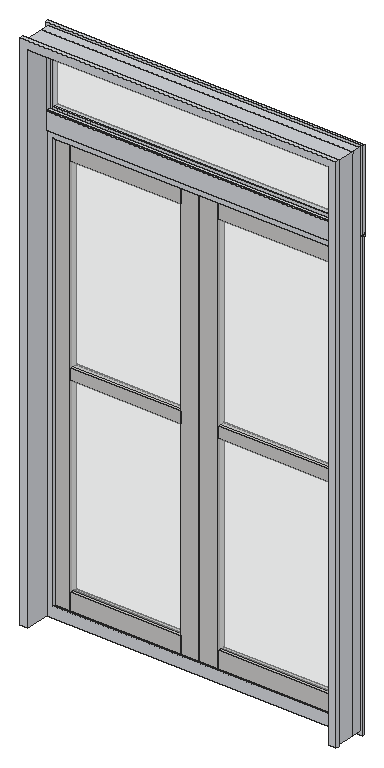
Revit family "APL Residential Thermal Heart French Door with Overlight Open Out", category Doors, host Wall, Revit 2017 (continued)
Definition of nested family "APL Residential Thermal Heart French Door with Overlight Open Out Horizontal Section"
  Definition of nested family "Keeper&Lock Stile"
    Lines and regions (mm)
      detail lines, in view "Ref. Level"
        curve 69: line (-14, 51.4, 0) -> (-14, 51.75, 0)
        curve 70: line (-11.25, 51.4, 0) -> (-8.915, 51.4, 0)
        curve 71: line (-15.448, 47.546, 0) -> (-14.067, 47.358, 0)
        curve 72: line (-16.427, 47.428, 0) -> (-15.962, 47.527, 0)
        curve 73: line (-6.039, 49.8, 0) -> (-7.038, 49.8, 0)
        curve 74: line (-5.876, 50.4, 0) -> (-7.038, 50.4, 0)
        curve 75: line (-5.69, 47.453, 0) -> (-7.887, 45.548, 0)
        curve 76: line (-6.083, 47.907, 0) -> (-6.975, 47.133, 0)
        curve 77: arc (18.353, 6.497, 0) -> (18.847, 6.497, 0) -> (18.847, 6.003, 0) r 0.35
        curve 78: arc (16.497, 3.653, 0) -> (16.003, 3.653, 0) -> (16.003, 4.147, 0) r 0.35
        curve 79: arc (17.549, 6.345, 0) -> (17.821, 6.219, 0) -> (17.778, 5.923, 0) r 0.25
        curve 80: arc (7.038, 2.2, 0) -> (8.076, 1.817, 0) -> (8.618, 0.853, 0) r 1.6
        curve 81: arc (7.038, 1.6, 0) -> (7.745, 1.307, 0) -> (8.038, 0.6, 0) r 1
        curve 82: arc (14, 0.25, 0) -> (13.927, 0.073, 0) -> (13.75, 0, 0) r 0.25
        curve 83: arc (13.875, 0.817, 0) -> (13.967, 0.725, 0) -> (14, 0.6, 0) r 0.25
        curve 84: arc (13.875, 0.817, 0) -> (13.6, 1.091, 0) -> (13.5, 1.466, 0) r 0.75
        curve 85: arc (8.915, 0.6, 0) -> (8.719, 0.672, 0) -> (8.618, 0.853, 0) r 0.3
        curve 86: arc (8.538, 0, 0) -> (8.184, 0.146, 0) -> (8.038, 0.5, 0) r 0.5
        curve 87: arc (12, 1.35, 0) -> (11.78, 0.82, 0) -> (11.25, 0.6, 0) r 0.75
        curve 88: arc (13.5, 4.146, 0) -> (13.671, 4.523, 0) -> (14.067, 4.642, 0) r 0.5
        curve 89: arc (15.962, 4.473, 0) -> (15.706, 4.441, 0) -> (15.448, 4.454, 0) r 1.5
        curve 90: arc (11, 6.55, 0) -> (11.169, 6.544, 0) -> (11.337, 6.527, 0) r 2.5
        curve 91: arc (11.25, 5.05, 0) -> (11.78, 4.83, 0) -> (12, 4.3, 0) r 0.75
        curve 92: arc (5.394, 1.843, 0) -> (5.012, 3.253, 0) -> (5.69, 4.547, 0) r 2.001
        curve 93: arc (5.776, 2.354, 0) -> (5.621, 3.278, 0) -> (6.083, 4.093, 0) r 1.401
        curve 94: arc (5.876, 1.6, 0) -> (5.606, 1.664, 0) -> (5.394, 1.843, 0) r 0.6
        curve 95: arc (6.039, 2.2, 0) -> (5.886, 2.241, 0) -> (5.776, 2.354, 0) r 0.3
        curve 96: arc (7.887, 6.452, 0) -> (8.009, 6.525, 0) -> (8.149, 6.55, 0) r 0.4
        curve 97: arc (6.975, 4.867, 0) -> (7.204, 5.003, 0) -> (7.466, 5.05, 0) r 0.75
        curve 98: line (11.337, 6.527, 0) -> (15.65, 5.94, 0)
        curve 99: line (15.65, 5.94, 0) -> (17.549, 6.345, 0)
        curve 100: line (18.847, 6.003, 0) -> (16.497, 3.653, 0)
        curve 101: line (16.003, 4.147, 0) -> (18.353, 6.497, 0)
        curve 102: line (8.149, 6.55, 0) -> (11, 6.55, 0)
        curve 103: line (7.466, 5.05, 0) -> (11.25, 5.05, 0)
        curve 104: line (13.5, 4.146, 0) -> (13.5, 1.466, 0)
        curve 105: line (12, 4.3, 0) -> (12, 1.35, 0)
        curve 106: line (13.75, 0, 0) -> (8.538, 0, 0)
        curve 107: line (14, 0.6, 0) -> (14, 0.25, 0)
        curve 108: line (11.25, 0.6, 0) -> (8.915, 0.6, 0)
        curve 109: line (15.448, 4.454, 0) -> (14.067, 4.642, 0)
        curve 110: line (16.427, 4.572, 0) -> (15.962, 4.473, 0)
        curve 111: line (6.039, 2.2, 0) -> (7.038, 2.2, 0)
        curve 112: line (5.876, 1.6, 0) -> (7.038, 1.6, 0)
        curve 113: line (5.69, 4.547, 0) -> (7.887, 6.452, 0)
        curve 114: line (6.083, 4.093, 0) -> (6.975, 4.867, 0)
        curve 115: arc (-87.144, 40.782, 0) -> (-87.004, 40.472, 0) -> (-87.303, 40.309, 0) r 0.25
        curve 116: arc (-97.191, 40.336, 0) -> (-97.491, 40.498, 0) -> (-97.351, 40.808, 0) r 0.25
        curve 117: line (-87.303, 40.309, 0) -> (-91.171, 41.303, 0)
        curve 118: line (-91.171, 41.303, 0) -> (-91.75, 40.3, 0)
        curve 119: line (-91.75, 40.3, 0) -> (-92.75, 40.3, 0)
        curve 120: line (-92.75, 40.3, 0) -> (-93.342, 41.325, 0)
        curve 121: line (-93.342, 41.325, 0) -> (-97.191, 40.336, 0)
        curve 122: line (-97.351, 40.808, 0) -> (-93.25, 42.532, 0)
        curve 123: line (-93.25, 42.532, 0) -> (-93.25, 43.8, 0)
        curve 124: line (-93.25, 43.8, 0) -> (-94.5, 43.8, 0)
        curve 125: line (-94.5, 43.8, 0) -> (-94.5, 44.8, 0)
        curve 126: line (-94.5, 44.8, 0) -> (-90, 44.8, 0)
        curve 127: line (-90, 44.8, 0) -> (-90, 43.8, 0)
        curve 128: line (-90, 43.8, 0) -> (-91.25, 43.8, 0)
        curve 129: line (-91.25, 43.8, 0) -> (-91.25, 42.508, 0)
        curve 130: line (-91.25, 42.508, 0) -> (-87.144, 40.782, 0)
        curve 131: arc (27.921, 135.423, 0) -> (27.611, 135.563, 0) -> (27.449, 135.264, 0) r 0.25
        curve 132: arc (27.475, 125.376, 0) -> (27.637, 125.077, 0) -> (27.948, 125.217, 0) r 0.25
        curve 133: line (27.449, 135.264, 0) -> (28.443, 131.396, 0)
        curve 134: line (28.443, 131.396, 0) -> (27.439, 130.817, 0)
        curve 135: line (27.439, 130.817, 0) -> (27.439, 129.817, 0)
        curve 136: line (27.439, 129.817, 0) -> (28.465, 129.225, 0)
        curve 137: line (28.465, 129.225, 0) -> (27.475, 125.376, 0)
        curve 138: line (27.948, 125.217, 0) -> (29.672, 129.317, 0)
        curve 139: line (29.672, 129.317, 0) -> (30.939, 129.317, 0)
        curve 140: line (30.939, 129.317, 0) -> (30.939, 128.067, 0)
        curve 141: line (30.939, 128.067, 0) -> (31.939, 128.067, 0)
        curve 142: line (31.939, 128.067, 0) -> (31.939, 132.567, 0)
        curve 143: line (31.939, 132.567, 0) -> (30.939, 132.567, 0)
        curve 144: line (30.939, 132.567, 0) -> (30.939, 131.317, 0)
        curve 145: line (30.939, 131.317, 0) -> (29.647, 131.317, 0)
        curve 146: line (29.647, 131.317, 0) -> (27.921, 135.423, 0)
        curve 147: arc (87.144, 40.782, 0) -> (87.004, 40.472, 0) -> (87.303, 40.309, 0) r 0.25
        curve 148: arc (97.191, 40.336, 0) -> (97.491, 40.498, 0) -> (97.351, 40.808, 0) r 0.25
        curve 149: line (87.303, 40.309, 0) -> (91.171, 41.303, 0)
        curve 150: line (91.171, 41.303, 0) -> (91.75, 40.3, 0)
        curve 151: line (91.75, 40.3, 0) -> (92.75, 40.3, 0)
        curve 152: line (92.75, 40.3, 0) -> (93.342, 41.325, 0)
        curve 153: line (93.342, 41.325, 0) -> (97.191, 40.336, 0)
        curve 154: line (97.351, 40.808, 0) -> (93.25, 42.532, 0)
        curve 155: line (93.25, 42.532, 0) -> (93.25, 43.8, 0)
        curve 156: line (93.25, 43.8, 0) -> (94.5, 43.8, 0)
        curve 157: line (94.5, 43.8, 0) -> (94.5, 44.8, 0)
        curve 158: line (94.5, 44.8, 0) -> (90, 44.8, 0)
        curve 159: line (90, 44.8, 0) -> (90, 43.8, 0)
        curve 160: line (90, 43.8, 0) -> (91.25, 43.8, 0)
        curve 161: line (91.25, 43.8, 0) -> (91.25, 42.508, 0)
        curve 162: line (91.25, 42.508, 0) -> (87.144, 40.782, 0)
    Dimensions and locks
      locked: nested 2 to nested 1 at 20
      nested 2 to nested 1 = 6 mm
    Nested families
      nested 1: "65220_Rebated Lock Stile" at (-14, 0, 0) x (0, -1, 0) z (0, 0, 1), type "", in view "Ref. Level"
      nested 2: "65240_Rebated Keeper Stile" at (10, 0, 0) x (0, 1, 0) z (0, 0, 1), type "", in view "Ref. Level"
    Definition of nested family "65220_Rebated Lock Stile"
      Reference planes
        plane 1 "Center (Front/Back)": y = 0
        plane 2: z = 0
        plane 3 "Center (Left/Right)": x = 0
      Lines and regions (mm)
        model lines, in view "Ref. Level"
          curve 1: arc (-1.453, 62.127, 0) -> (-1.357, 62.052, 0) -> (-1.322, 61.935, 0) r 0.2
          curve 2: arc (-1.421, 57.06, 0) -> (-1.721, 56.366, 0) -> (-2.42, 56.08, 0) r 1
          curve 3: arc (-9.8, 56.08, 0) -> (-10.507, 56.373, 0) -> (-10.8, 57.08, 0) r 1
          curve 4: arc (-10.8, 61.172, 0) -> (-10.773, 61.272, 0) -> (-10.7, 61.345, 0) r 0.2
          curve 5: arc (-9.6, 61.98, 0) -> (-9.38, 62.2, 0) -> (-9.3, 62.5, 0) r 0.6
          curve 6: arc (-9.3, 62.8, 0) -> (-9.359, 62.941, 0) -> (-9.5, 63, 0) r 0.2
          curve 7: arc (-16.503, 63, 0) -> (-17.21, 62.707, 0) -> (-17.503, 62, 0) r 1
          curve 8: arc (-17.503, 56.28, 0) -> (-17.561, 56.139, 0) -> (-17.703, 56.08, 0) r 0.2
          curve 9: arc (-22.803, 56.08, 0) -> (-22.944, 56.139, 0) -> (-23.003, 56.28, 0) r 0.2
          curve 10: arc (-23.003, 62, 0) -> (-23.295, 62.707, 0) -> (-24.003, 63, 0) r 1
          curve 11: arc (-25.817, 63, 0) -> (-26.122, 62.801, 0) -> (-26.395, 63.043, 0) r 0.3
          curve 12: arc (-26.395, 63.043, 0) -> (-26.461, 63.181, 0) -> (-26.587, 63.268, 0) r 0.3
          curve 13: arc (-27.997, 63.782, 0) -> (-28.283, 63.738, 0) -> (-28.399, 63.474, 0) r 0.3
          curve 14: arc (-28.192, 61.108, 0) -> (-28.165, 61.008, 0) -> (-28.105, 60.922, 0) r 0.3
          curve 15: arc (-27.741, 60.559, 0) -> (-27.548, 60.507, 0) -> (-27.407, 60.648, 0) r 0.2
          curve 16: arc (-27.362, 60.816, 0) -> (-27.31, 60.905, 0) -> (-27.221, 60.957, 0) r 0.2
          curve 17: arc (-25, 61.5, 0) -> (-24.72, 61.307, 0) -> (-24.8, 60.976, 0) r 0.3
          curve 18: arc (-24.8, 60.976, 0) -> (-24.874, 60.875, 0) -> (-24.9, 60.753, 0) r 0.3
          curve 19: arc (-24.706, 56.75, 0) -> (-24.742, 56.578, 0) -> (-24.9, 56.5, 0) r 0.2
          curve 20: arc (-25.421, 56.5, 0) -> (-25.502, 56.511, 0) -> (-25.577, 56.544, 0) r 0.3
          curve 21: arc (-26.831, 57.309, 0) -> (-26.828, 57.479, 0) -> (-26.934, 57.611, 0) r 0.25
          curve 22: arc (-27.019, 57.663, 0) -> (-27.272, 57.668, 0) -> (-27.4, 57.45, 0) r 0.25
          curve 23: arc (-27.4, 54.7, 0) -> (-27.341, 54.559, 0) -> (-27.2, 54.5, 0) r 0.2
          curve 24: arc (-16.403, 54.5, 0) -> (-16.049, 54.646, 0) -> (-15.903, 55, 0) r 0.5
          curve 25: arc (-15.903, 61.2, 0) -> (-15.844, 61.341, 0) -> (-15.703, 61.4, 0) r 0.2
          curve 26: arc (-12.6, 61.4, 0) -> (-12.459, 61.341, 0) -> (-12.4, 61.2, 0) r 0.2
          curve 27: arc (-12.4, 57.08, 0) -> (-11.638, 55.242, 0) -> (-9.8, 54.48, 0) r 2.6
          curve 28: arc (-1.8, 54.48, 0) -> (-1.659, 54.421, 0) -> (-1.6, 54.28, 0) r 0.2
          curve 29: arc (-1.6, -4.898, 0) -> (-1.746, -5.252, 0) -> (-2.1, -5.398, 0) r 0.5
          curve 30: arc (-4.2, -5.398, 0) -> (-4.341, -5.339, 0) -> (-4.4, -5.198, 0) r 0.2
          curve 31: arc (-4.4, -4.2, 0) -> (-4.927, -2.927, 0) -> (-6.2, -2.4, 0) r 1.8
          curve 32: arc (-22.08, -2.4, 0) -> (-22.787, -2.107, 0) -> (-23.08, -1.4, 0) r 1
          curve 33: arc (-23.08, 3.4, 0) -> (-23.373, 4.107, 0) -> (-24.08, 4.4, 0) r 1
          curve 34: arc (-27.28, 4.4, 0) -> (-27.421, 4.341, 0) -> (-27.48, 4.2, 0) r 0.2
          curve 35: arc (-27.48, 1.551, 0) -> (-27.353, 1.332, 0) -> (-27.1, 1.337, 0) r 0.25
          curve 36: arc (-27.014, 1.389, 0) -> (-26.908, 1.521, 0) -> (-26.911, 1.691, 0) r 0.25
          curve 37: arc (-25.657, 2.456, 0) -> (-25.582, 2.489, 0) -> (-25.501, 2.5, 0) r 0.3
          curve 38: arc (-24.98, 2.5, 0) -> (-24.822, 2.422, 0) -> (-24.786, 2.25, 0) r 0.2
          curve 39: arc (-24.98, -1.753, 0) -> (-24.954, -1.875, 0) -> (-24.88, -1.976, 0) r 0.3
          curve 40: arc (-24.88, -1.976, 0) -> (-24.8, -2.307, 0) -> (-25.08, -2.5, 0) r 0.3
          curve 41: arc (-27.301, -1.957, 0) -> (-27.39, -1.905, 0) -> (-27.442, -1.816, 0) r 0.2
          curve 42: arc (-27.487, -1.648, 0) -> (-27.628, -1.507, 0) -> (-27.821, -1.559, 0) r 0.2
          curve 43: arc (-28.185, -1.922, 0) -> (-28.245, -2.008, 0) -> (-28.272, -2.108, 0) r 0.3
          curve 44: arc (-28.479, -4.474, 0) -> (-28.363, -4.738, 0) -> (-28.077, -4.782, 0) r 0.3
          curve 45: arc (-26.667, -4.268, 0) -> (-26.541, -4.181, 0) -> (-26.475, -4.043, 0) r 0.3
          curve 46: arc (-26.475, -4.043, 0) -> (-26.202, -3.801, 0) -> (-25.897, -4, 0) r 0.3
          curve 47: arc (-6.2, -4, 0) -> (-6.059, -4.059, 0) -> (-6, -4.2, 0) r 0.2
          curve 48: arc (-6, -6.798, 0) -> (-5.941, -6.939, 0) -> (-5.8, -6.998, 0) r 0.2
          curve 49: arc (-2, -6.998, 0) -> (-1.646, -7.144, 0) -> (-1.5, -7.498, 0) r 0.5
          curve 50: arc (-1.5, -21.5, 0) -> (-1.354, -21.854, 0) -> (-1, -22, 0) r 0.5
          curve 51: arc (-0.5, -22, 0) -> (-0.146, -21.854, 0) -> (0, -21.5, 0) r 0.5
          curve 52: arc (0, 62.8, 0) -> (-0.059, 62.941, 0) -> (-0.2, 63, 0) r 0.2
          curve 53: line (-1.322, 61.935, 0) -> (-1.421, 57.06, 0)
          curve 54: line (-2.42, 56.08, 0) -> (-9.8, 56.08, 0)
          curve 55: line (-10.8, 57.08, 0) -> (-10.8, 61.172, 0)
          curve 56: line (-10.7, 61.345, 0) -> (-9.6, 61.98, 0)
          curve 57: line (-9.3, 62.5, 0) -> (-9.3, 62.8, 0)
          curve 58: line (-9.5, 63, 0) -> (-16.503, 63, 0)
          curve 59: line (-17.503, 62, 0) -> (-17.503, 56.28, 0)
          curve 60: line (-17.703, 56.08, 0) -> (-22.803, 56.08, 0)
          curve 61: line (-23.003, 56.28, 0) -> (-23.003, 62, 0)
          curve 62: line (-24.003, 63, 0) -> (-25.817, 63, 0)
          curve 63: line (-26.587, 63.268, 0) -> (-27.997, 63.782, 0)
          curve 64: line (-28.399, 63.474, 0) -> (-28.192, 61.108, 0)
          curve 65: line (-28.105, 60.922, 0) -> (-27.741, 60.559, 0)
          curve 66: line (-27.407, 60.648, 0) -> (-27.362, 60.816, 0)
          curve 67: line (-27.362, 60.816, 0) -> (-25.232, 61.49, 0)
          curve 68: line (-25.232, 61.49, 0) -> (-25, 61.5, 0)
          curve 69: line (-24.9, 60.753, 0) -> (-24.9, 57.525, 0)
          curve 70: line (-24.9, 57.525, 0) -> (-24.706, 56.75, 0)
          curve 71: line (-24.9, 56.5, 0) -> (-25.421, 56.5, 0)
          curve 72: line (-25.421, 56.5, 0) -> (-26.831, 57.309, 0)
          curve 73: line (-27.4, 57.45, 0) -> (-27.4, 54.7, 0)
          curve 74: line (-27.2, 54.5, 0) -> (-20.403, 54.5, 0)
          curve 75: line (-20.403, 54.5, 0) -> (-20.003, 54.9, 0)
          curve 76: line (-20.003, 54.9, 0) -> (-19.603, 54.5, 0)
          curve 77: line (-19.603, 54.5, 0) -> (-16.403, 54.5, 0)
          curve 78: line (-15.903, 55, 0) -> (-15.903, 61.2, 0)
          curve 79: line (-15.703, 61.4, 0) -> (-12.6, 61.4, 0)
          curve 80: line (-12.4, 61.2, 0) -> (-12.4, 57.08, 0)
          curve 81: line (-9.8, 54.48, 0) -> (-1.8, 54.48, 0)
          curve 82: line (-1.6, 54.28, 0) -> (-1.6, -4.898, 0)
          curve 83: line (-2.1, -5.398, 0) -> (-4.2, -5.398, 0)
          curve 84: line (-4.4, -5.198, 0) -> (-4.4, -4.2, 0)
          curve 85: line (-6.2, -2.4, 0) -> (-22.08, -2.4, 0)
          curve 86: line (-23.08, -1.4, 0) -> (-23.08, 3.4, 0)
          curve 87: line (-24.08, 4.4, 0) -> (-27.28, 4.4, 0)
          curve 88: line (-27.48, 4.2, 0) -> (-27.48, 1.551, 0)
          curve 89: line (-26.911, 1.691, 0) -> (-25.657, 2.456, 0)
          curve 90: line (-25.657, 2.456, 0) -> (-24.98, 2.5, 0)
          curve 91: line (-24.786, 2.25, 0) -> (-24.98, 1.5, 0)
          curve 92: line (-24.974, 1.525, 0) -> (-24.98, -1.753, 0)
          curve 93: line (-25.234, -2.5, 0) -> (-27.301, -1.957, 0)
          curve 94: line (-27.301, -1.957, 0) -> (-27.487, -1.648, 0)
          curve 95: line (-27.821, -1.559, 0) -> (-28.185, -1.922, 0)
          curve 96: line (-28.272, -2.108, 0) -> (-28.479, -4.474, 0)
          curve 97: line (-28.077, -4.782, 0) -> (-26.667, -4.268, 0)
          curve 98: line (-25.897, -4, 0) -> (-20.4, -4, 0)
          curve 99: line (-20.4, -4, 0) -> (-20, -3.6, 0)
          curve 100: line (-20, -3.6, 0) -> (-19.6, -4, 0)
          curve 101: line (-19.6, -4, 0) -> (-18.4, -4, 0)
          curve 102: line (-18.4, -4, 0) -> (-18, -3.6, 0)
          curve 103: line (-18, -3.6, 0) -> (-17.6, -4, 0)
          curve 104: line (-17.6, -4, 0) -> (-6.2, -4, 0)
          curve 105: line (-6, -4.2, 0) -> (-6, -6.798, 0)
          curve 106: line (-5.8, -6.998, 0) -> (-2, -6.998, 0)
          curve 107: line (-1.5, -7.498, 0) -> (-1.5, -21.5, 0)
          curve 108: line (-1, -22, 0) -> (-0.5, -22, 0)
          curve 109: line (0, -21.5, 0) -> (0, 62.8, 0)
          curve 110: line (-0.2, 63, 0) -> (-1.141, 63, 0)
          curve 111: line (-1.141, 63, 0) -> (-1.665, 62.621, 0)
          curve 112: arc (-1.665, 62.621, 0) -> (-1.729, 62.522, 0) -> (-1.725, 62.403, 0) r 0.2
          curve 113: arc (-1.725, 62.403, 0) -> (-1.621, 62.234, 0) -> (-1.453, 62.127, 0) r 0.45
          curve 114: arc (-24.98, 1.6, 0) -> (-25.097, 1.883, 0) -> (-25.38, 2, 0) r 0.4
          curve 115: arc (-25.673, 2, 0) -> (-25.776, 1.986, 0) -> (-25.873, 1.946, 0) r 0.4
          curve 116: arc (-27.401, 1.061, 0) -> (-27.691, 0.941, 0) -> (-28.002, 0.9, 0) r 1.2
          curve 117: arc (-28.925, 0.9, 0) -> (-29.498, 0.719, 0) -> (-29.864, 0.242, 0) r 1
          curve 118: arc (-30.657, -1.937, 0) -> (-30.804, -2.128, 0) -> (-31.033, -2.2, 0) r 0.4
          curve 119: arc (-37.527, -2.2, 0) -> (-37.756, -2.128, 0) -> (-37.903, -1.937, 0) r 0.4
          curve 120: arc (-38.696, 0.242, 0) -> (-39.062, 0.719, 0) -> (-39.635, 0.9, 0) r 1
          curve 121: arc (-40.558, 0.9, 0) -> (-40.869, 0.941, 0) -> (-41.159, 1.061, 0) r 1.2
          curve 122: arc (-42.687, 1.946, 0) -> (-42.784, 1.986, 0) -> (-42.887, 2, 0) r 0.4
          curve 123: arc (-43.18, 2, 0) -> (-43.463, 1.883, 0) -> (-43.58, 1.6, 0) r 0.4
          curve 124: arc (-43.58, -1.8, 0) -> (-43.463, -2.083, 0) -> (-43.18, -2.2, 0) r 0.4
          curve 125: arc (-42.887, -2.2, 0) -> (-42.784, -2.186, 0) -> (-42.687, -2.146, 0) r 0.4
          curve 126: arc (-41.159, -1.261, 0) -> (-40.865, -1.14, 0) -> (-40.55, -1.1, 0) r 1.2
          curve 127: arc (-40.55, -1.1, 0) -> (-40.375, -1.153, 0) -> (-40.264, -1.297, 0) r 0.3
          curve 128: arc (-39.376, -3.737, 0) -> (-39.229, -3.928, 0) -> (-39, -4, 0) r 0.4
          curve 129: arc (-29.56, -4, 0) -> (-29.331, -3.928, 0) -> (-29.184, -3.737, 0) r 0.4
          curve 130: arc (-28.296, -1.297, 0) -> (-28.185, -1.153, 0) -> (-28.01, -1.1, 0) r 0.3
          curve 131: arc (-28.01, -1.1, 0) -> (-27.695, -1.14, 0) -> (-27.401, -1.261, 0) r 1.2
          curve 132: arc (-25.873, -2.146, 0) -> (-25.776, -2.186, 0) -> (-25.673, -2.2, 0) r 0.4
          curve 133: arc (-25.38, -2.2, 0) -> (-25.097, -2.083, 0) -> (-24.98, -1.8, 0) r 0.4
          curve 134: line (-25.38, 2, 0) -> (-25.673, 2, 0)
          curve 135: line (-25.873, 1.946, 0) -> (-27.401, 1.061, 0)
          curve 136: line (-28.002, 0.9, 0) -> (-28.925, 0.9, 0)
          curve 137: line (-29.864, 0.242, 0) -> (-30.657, -1.937, 0)
          curve 138: line (-31.033, -2.2, 0) -> (-37.527, -2.2, 0)
          curve 139: line (-37.903, -1.937, 0) -> (-38.696, 0.242, 0)
          curve 140: line (-39.635, 0.9, 0) -> (-40.558, 0.9, 0)
          curve 141: line (-41.159, 1.061, 0) -> (-42.687, 1.946, 0)
          curve 142: line (-42.887, 2, 0) -> (-43.18, 2, 0)
          curve 143: line (-43.58, 1.6, 0) -> (-43.58, -1.8, 0)
          curve 144: line (-43.18, -2.2, 0) -> (-42.887, -2.2, 0)
          curve 145: line (-42.687, -2.146, 0) -> (-41.159, -1.261, 0)
          curve 146: line (-40.264, -1.297, 0) -> (-39.376, -3.737, 0)
          curve 147: line (-39, -4, 0) -> (-29.56, -4, 0)
          curve 148: line (-29.184, -3.737, 0) -> (-28.296, -1.297, 0)
          curve 149: line (-27.401, -1.261, 0) -> (-25.873, -2.146, 0)
          curve 150: line (-25.673, -2.2, 0) -> (-25.38, -2.2, 0)
          curve 151: line (-24.98, -1.8, 0) -> (-24.98, 1.6, 0)
          curve 152: arc (-24.9, 57.4, 0) -> (-25.017, 57.117, 0) -> (-25.3, 57, 0) r 0.4
          curve 153: arc (-25.593, 57, 0) -> (-25.696, 57.014, 0) -> (-25.793, 57.054, 0) r 0.4
          curve 154: arc (-27.321, 57.939, 0) -> (-27.611, 58.059, 0) -> (-27.922, 58.1, 0) r 1.2
          curve 155: arc (-28.845, 58.1, 0) -> (-29.418, 58.281, 0) -> (-29.784, 58.758, 0) r 1
          curve 156: arc (-30.577, 60.937, 0) -> (-30.724, 61.128, 0) -> (-30.953, 61.2, 0) r 0.4
          curve 157: arc (-37.447, 61.2, 0) -> (-37.676, 61.128, 0) -> (-37.823, 60.937, 0) r 0.4
          curve 158: arc (-38.616, 58.758, 0) -> (-38.982, 58.281, 0) -> (-39.555, 58.1, 0) r 1
          curve 159: arc (-40.478, 58.1, 0) -> (-40.789, 58.059, 0) -> (-41.079, 57.939, 0) r 1.2
          curve 160: arc (-42.607, 57.054, 0) -> (-42.704, 57.014, 0) -> (-42.807, 57, 0) r 0.4
          curve 161: arc (-43.1, 57, 0) -> (-43.383, 57.117, 0) -> (-43.5, 57.4, 0) r 0.4
          curve 162: arc (-43.5, 60.8, 0) -> (-43.383, 61.083, 0) -> (-43.1, 61.2, 0) r 0.4
          curve 163: arc (-42.807, 61.2, 0) -> (-42.704, 61.186, 0) -> (-42.607, 61.146, 0) r 0.4
          curve 164: arc (-41.079, 60.261, 0) -> (-40.785, 60.14, 0) -> (-40.47, 60.1, 0) r 1.2
          curve 165: arc (-40.47, 60.1, 0) -> (-40.295, 60.153, 0) -> (-40.184, 60.297, 0) r 0.3
          curve 166: arc (-39.296, 62.737, 0) -> (-39.149, 62.928, 0) -> (-38.92, 63, 0) r 0.4
          curve 167: arc (-29.48, 63, 0) -> (-29.251, 62.928, 0) -> (-29.104, 62.737, 0) r 0.4
          curve 168: arc (-28.216, 60.297, 0) -> (-28.105, 60.153, 0) -> (-27.93, 60.1, 0) r 0.3
          curve 169: arc (-27.93, 60.1, 0) -> (-27.615, 60.14, 0) -> (-27.321, 60.261, 0) r 1.2
          curve 170: arc (-25.793, 61.146, 0) -> (-25.696, 61.186, 0) -> (-25.593, 61.2, 0) r 0.4
          curve 171: arc (-25.3, 61.2, 0) -> (-25.017, 61.083, 0) -> (-24.9, 60.8, 0) r 0.4
          curve 172: line (-25.3, 57, 0) -> (-25.593, 57, 0)
          curve 173: line (-25.793, 57.054, 0) -> (-27.321, 57.939, 0)
          curve 174: line (-27.922, 58.1, 0) -> (-28.845, 58.1, 0)
          curve 175: line (-29.784, 58.758, 0) -> (-30.577, 60.937, 0)
          curve 176: line (-30.953, 61.2, 0) -> (-37.447, 61.2, 0)
          curve 177: line (-37.823, 60.937, 0) -> (-38.616, 58.758, 0)
          curve 178: line (-39.555, 58.1, 0) -> (-40.478, 58.1, 0)
          curve 179: line (-41.079, 57.939, 0) -> (-42.607, 57.054, 0)
          curve 180: line (-42.807, 57, 0) -> (-43.1, 57, 0)
          curve 181: line (-43.5, 57.4, 0) -> (-43.5, 60.8, 0)
          curve 182: line (-43.1, 61.2, 0) -> (-42.807, 61.2, 0)
          curve 183: line (-42.607, 61.146, 0) -> (-41.079, 60.261, 0)
          curve 184: line (-40.184, 60.297, 0) -> (-39.296, 62.737, 0)
          curve 185: line (-38.92, 63, 0) -> (-29.48, 63, 0)
          curve 186: line (-29.104, 62.737, 0) -> (-28.216, 60.297, 0)
          curve 187: line (-27.321, 60.261, 0) -> (-25.793, 61.146, 0)
          curve 188: line (-25.593, 61.2, 0) -> (-25.3, 61.2, 0)
          curve 189: line (-24.9, 60.8, 0) -> (-24.9, 57.4, 0)
          curve 190: arc (-52, 0.2, 0) -> (-51.942, 0.059, 0) -> (-51.8, 0, 0) r 0.2
          curve 191: arc (-49.7, 0, 0) -> (-49.604, 0.019, 0) -> (-49.523, 0.073, 0) r 0.25
          curve 192: arc (-48.023, 1.573, 0) -> (-47.969, 1.846, 0) -> (-48.2, 2, 0) r 0.25
          curve 193: arc (-50.15, 2, 0) -> (-50.327, 2.073, 0) -> (-50.4, 2.25, 0) r 0.25
          curve 194: arc (-50.4, 5.8, 0) -> (-50.342, 5.941, 0) -> (-50.2, 6, 0) r 0.2
          curve 195: arc (-45.68, 6, 0) -> (-45.539, 5.942, 0) -> (-45.48, 5.8, 0) r 0.2
          curve 196: arc (-45.48, -6.107, 0) -> (-45.26, -6.696, 0) -> (-44.709, -6.998, 0) r 0.9
          curve 197: arc (-44.283, -6.998, 0) -> (-44.141, -6.939, 0) -> (-44.083, -6.798, 0) r 0.2
          curve 198: arc (-44.083, -4.6, 0) -> (-43.936, -4.246, 0) -> (-43.583, -4.1, 0) r 0.5
          curve 199: arc (-42.663, -4.1, 0) -> (-42.358, -3.901, 0) -> (-42.085, -4.143, 0) r 0.3
          curve 200: arc (-42.085, -4.143, 0) -> (-42.019, -4.281, 0) -> (-41.893, -4.368, 0) r 0.3
          curve 201: arc (-40.483, -4.882, 0) -> (-40.197, -4.838, 0) -> (-40.081, -4.574, 0) r 0.3
          curve 202: arc (-40.288, -2.208, 0) -> (-40.315, -2.108, 0) -> (-40.375, -2.022, 0) r 0.3
          curve 203: arc (-40.739, -1.659, 0) -> (-40.932, -1.607, 0) -> (-41.073, -1.748, 0) r 0.2
          curve 204: arc (-41.118, -1.916, 0) -> (-41.17, -2.005, 0) -> (-41.259, -2.057, 0) r 0.2
          curve 205: arc (-43.48, -2.6, 0) -> (-43.76, -2.407, 0) -> (-43.68, -2.076, 0) r 0.3
          curve 206: arc (-43.68, -2.076, 0) -> (-43.606, -1.975, 0) -> (-43.58, -1.853, 0) r 0.3
          curve 207: arc (-43.774, 2.15, 0) -> (-43.738, 2.322, 0) -> (-43.58, 2.4, 0) r 0.2
          curve 208: arc (-43.059, 2.4, 0) -> (-42.978, 2.389, 0) -> (-42.903, 2.356, 0) r 0.3
          curve 209: arc (-41.649, 1.591, 0) -> (-41.652, 1.421, 0) -> (-41.546, 1.289, 0) r 0.25
          curve 210: arc (-41.46, 1.237, 0) -> (-41.208, 1.232, 0) -> (-41.08, 1.45, 0) r 0.25
          curve 211: arc (-41.08, 3.026, 0) -> (-41.208, 3.515, 0) -> (-41.559, 3.879, 0) r 1
          curve 212: arc (-42.172, 4.254, 0) -> (-42.423, 4.363, 0) -> (-42.693, 4.4, 0) r 1
          curve 213: arc (-43.08, 4.4, 0) -> (-43.434, 4.546, 0) -> (-43.58, 4.9, 0) r 0.5
          curve 214: arc (-43.58, 5.8, 0) -> (-44.195, 7.285, 0) -> (-45.68, 7.9, 0) r 2.1
          curve 215: arc (-49.6, 7.9, 0) -> (-49.954, 8.046, 0) -> (-50.1, 8.4, 0) r 0.5
          curve 216: arc (-50.1, 61.6, 0) -> (-49.954, 61.954, 0) -> (-49.6, 62.1, 0) r 0.5
          curve 217: arc (-46.429, 62.1, 0) -> (-46.21, 62.049, 0) -> (-46.035, 61.908, 0) r 0.5
          curve 218: arc (-46.035, 61.908, 0) -> (-45.836, 61.687, 0) -> (-45.608, 61.496, 0) r 2.1
          curve 219: arc (-45.608, 61.496, 0) -> (-45.455, 61.318, 0) -> (-45.4, 61.091, 0) r 0.5
          curve 220: arc (-45.4, 55.1, 0) -> (-45.254, 54.746, 0) -> (-44.9, 54.6, 0) r 0.5
          curve 221: arc (-42.309, 54.6, 0) -> (-42.174, 54.619, 0) -> (-42.049, 54.673, 0) r 0.5
          curve 222: arc (-41.479, 55.021, 0) -> (-41.128, 55.385, 0) -> (-41, 55.874, 0) r 1
          curve 223: arc (-41, 57.45, 0) -> (-41.128, 57.668, 0) -> (-41.38, 57.663, 0) r 0.25
          curve 224: arc (-41.466, 57.611, 0) -> (-41.572, 57.479, 0) -> (-41.569, 57.309, 0) r 0.25
          curve 225: arc (-42.823, 56.544, 0) -> (-42.898, 56.511, 0) -> (-42.979, 56.5, 0) r 0.3
          curve 226: arc (-43.5, 56.5, 0) -> (-43.658, 56.578, 0) -> (-43.694, 56.75, 0) r 0.2
          curve 227: arc (-43.5, 60.753, 0) -> (-43.526, 60.875, 0) -> (-43.6, 60.976, 0) r 0.3
          curve 228: arc (-43.6, 60.976, 0) -> (-43.68, 61.307, 0) -> (-43.4, 61.5, 0) r 0.3
          curve 229: arc (-41.179, 60.957, 0) -> (-41.09, 60.905, 0) -> (-41.038, 60.816, 0) r 0.2
          curve 230: arc (-40.993, 60.648, 0) -> (-40.852, 60.507, 0) -> (-40.659, 60.559, 0) r 0.2
          curve 231: arc (-40.295, 60.922, 0) -> (-40.235, 61.008, 0) -> (-40.208, 61.108, 0) r 0.3
          curve 232: arc (-40.001, 63.474, 0) -> (-40.117, 63.738, 0) -> (-40.403, 63.782, 0) r 0.3
          curve 233: arc (-41.813, 63.268, 0) -> (-41.939, 63.181, 0) -> (-42.005, 63.043, 0) r 0.3
          curve 234: arc (-42.005, 63.043, 0) -> (-42.278, 62.801, 0) -> (-42.583, 63, 0) r 0.3
          curve 235: arc (-44.38, 63, 0) -> (-44.521, 63.059, 0) -> (-44.58, 63.2, 0) r 0.2
          curve 236: arc (-44.58, 63.8, 0) -> (-44.639, 63.941, 0) -> (-44.78, 64, 0) r 0.2
          curve 237: arc (-49.6, 64, 0) -> (-49.954, 64.146, 0) -> (-50.1, 64.5, 0) r 0.5
          curve 238: arc (-50.1, 80, 0) -> (-49.954, 80.354, 0) -> (-49.6, 80.5, 0) r 0.5
          curve 239: arc (-47, 80.5, 0) -> (-46.646, 80.354, 0) -> (-46.5, 80, 0) r 0.5
          curve 240: arc (-46.5, 75, 0) -> (-46.354, 74.646, 0) -> (-46, 74.5, 0) r 0.5
          curve 241: arc (-42.7, 74.5, 0) -> (-42.559, 74.559, 0) -> (-42.5, 74.7, 0) r 0.2
          curve 242: arc (-42.5, 76.25, 0) -> (-43, 76.75, 0) -> (-43.5, 76.25, 0) r 0.5
          curve 243: arc (-43.5, 75.7, 0) -> (-43.559, 75.559, 0) -> (-43.7, 75.5, 0) r 0.2
          curve 244: arc (-44.8, 75.5, 0) -> (-44.941, 75.559, 0) -> (-45, 75.7, 0) r 0.2
          curve 245: arc (-45, 80.8, 0) -> (-44.941, 80.941, 0) -> (-44.8, 81, 0) r 0.2
          curve 246: arc (-43.7, 81, 0) -> (-43.559, 80.941, 0) -> (-43.5, 80.8, 0) r 0.2
          curve 247: arc (-43.5, 80.25, 0) -> (-43, 79.75, 0) -> (-42.5, 80.25, 0) r 0.5
          curve 248: arc (-42.5, 81.5, 0) -> (-42.646, 81.854, 0) -> (-43, 82, 0) r 0.5
          curve 249: arc (-51.6, 82.2, 0) -> (-51.8, 82.4, 0) -> (-52, 82.2, 0) r 0.2
          curve 250: line (-51.8, 0, 0) -> (-49.7, 0, 0)
          curve 251: line (-49.523, 0.073, 0) -> (-48.023, 1.573, 0)
          curve 252: line (-48.2, 2, 0) -> (-50.15, 2, 0)
          curve 253: line (-50.4, 2.25, 0) -> (-50.4, 5.8, 0)
          curve 254: line (-50.2, 6, 0) -> (-45.68, 6, 0)
          curve 255: line (-45.48, 5.8, 0) -> (-45.48, -6.107, 0)
          curve 256: line (-44.709, -6.998, 0) -> (-44.283, -6.998, 0)
          curve 257: line (-44.083, -6.798, 0) -> (-44.083, -4.6, 0)
          curve 258: line (-43.583, -4.1, 0) -> (-42.663, -4.1, 0)
          curve 259: line (-41.893, -4.368, 0) -> (-40.483, -4.882, 0)
          curve 260: line (-40.081, -4.574, 0) -> (-40.288, -2.208, 0)
          curve 261: line (-40.375, -2.022, 0) -> (-40.739, -1.659, 0)
          curve 262: line (-41.073, -1.748, 0) -> (-41.118, -1.916, 0)
          curve 263: line (-41.118, -1.916, 0) -> (-43.248, -2.59, 0)
          curve 264: line (-43.248, -2.59, 0) -> (-43.48, -2.6, 0)
          curve 265: line (-43.58, -1.853, 0) -> (-43.58, 1.375, 0)
          curve 266: line (-43.58, 1.375, 0) -> (-43.774, 2.15, 0)
          curve 267: line (-43.58, 2.4, 0) -> (-43.059, 2.4, 0)
          curve 268: line (-43.059, 2.4, 0) -> (-41.649, 1.591, 0)
          curve 269: line (-41.08, 1.45, 0) -> (-41.08, 3.026, 0)
          curve 270: line (-41.559, 3.879, 0) -> (-42.172, 4.254, 0)
          curve 271: line (-42.693, 4.4, 0) -> (-43.08, 4.4, 0)
          curve 272: line (-43.58, 4.9, 0) -> (-43.58, 5.8, 0)
          curve 273: line (-45.68, 7.9, 0) -> (-49.6, 7.9, 0)
          curve 274: line (-50.1, 8.4, 0) -> (-50.1, 61.6, 0)
          curve 275: line (-49.6, 62.1, 0) -> (-46.429, 62.1, 0)
          curve 276: line (-45.4, 61.091, 0) -> (-45.4, 55.1, 0)
          curve 277: line (-44.9, 54.6, 0) -> (-42.309, 54.6, 0)
          curve 278: line (-42.049, 54.673, 0) -> (-41.479, 55.021, 0)
          curve 279: line (-41, 55.874, 0) -> (-41, 57.45, 0)
          curve 280: line (-41.569, 57.309, 0) -> (-42.823, 56.544, 0)
          curve 281: line (-42.823, 56.544, 0) -> (-43.5, 56.5, 0)
          curve 282: line (-43.694, 56.75, 0) -> (-43.506, 57.475, 0)
          curve 283: line (-43.506, 57.475, 0) -> (-43.5, 60.753, 0)
          curve 284: line (-43.246, 61.5, 0) -> (-41.179, 60.957, 0)
          curve 285: line (-41.179, 60.957, 0) -> (-40.993, 60.648, 0)
          curve 286: line (-40.659, 60.559, 0) -> (-40.295, 60.922, 0)
          curve 287: line (-40.208, 61.108, 0) -> (-40.001, 63.474, 0)
          curve 288: line (-40.403, 63.782, 0) -> (-41.813, 63.268, 0)
          curve 289: line (-42.583, 63, 0) -> (-44.38, 63, 0)
          curve 290: line (-44.58, 63.2, 0) -> (-44.58, 63.8, 0)
          curve 291: line (-44.78, 64, 0) -> (-49.6, 64, 0)
          curve 292: line (-50.1, 64.5, 0) -> (-50.1, 80, 0)
          curve 293: line (-49.6, 80.5, 0) -> (-47, 80.5, 0)
          curve 294: line (-46.5, 80, 0) -> (-46.5, 75, 0)
          curve 295: line (-46, 74.5, 0) -> (-42.7, 74.5, 0)
          curve 296: line (-42.5, 74.7, 0) -> (-42.5, 76.25, 0)
          curve 297: line (-43.5, 76.25, 0) -> (-43.5, 75.7, 0)
          curve 298: line (-43.7, 75.5, 0) -> (-44.8, 75.5, 0)
          curve 299: line (-45, 75.7, 0) -> (-45, 80.8, 0)
          curve 300: line (-44.8, 81, 0) -> (-43.7, 81, 0)
          curve 301: line (-43.5, 80.8, 0) -> (-43.5, 80.25, 0)
          curve 302: line (-42.5, 80.25, 0) -> (-42.5, 81.5, 0)
          curve 303: line (-43, 82, 0) -> (-51.6, 82, 0)
          curve 304: line (-51.6, 82, 0) -> (-51.6, 82.2, 0)
          curve 305: line (-52, 82.2, 0) -> (-52, 0.2, 0)
      Text (mm)
        text "65220" at (-33.866, 93.768, 0), in view "Ref. Level"
    Definition of nested family "65240_Rebated Keeper Stile"
      Reference planes
        plane 1 "Center (Front/Back)": y = 0
        plane 2: z = 0
        plane 3 "Center (Left/Right)": x = 0
      Lines and regions (mm)
        model lines, in view "Ref. Level"
          curve 1: arc (33.407, 2.352, 0) -> (33.548, 2.493, 0) -> (33.741, 2.441, 0) r 0.2
          curve 2: arc (34.105, 2.078, 0) -> (34.165, 1.992, 0) -> (34.192, 1.892, 0) r 0.3
          curve 3: arc (34.399, -0.474, 0) -> (34.283, -0.738, 0) -> (33.997, -0.782, 0) r 0.3
          curve 4: arc (32.587, -0.268, 0) -> (32.461, -0.181, 0) -> (32.395, -0.043, 0) r 0.3
          curve 5: arc (32.395, -0.043, 0) -> (32.122, 0.199, 0) -> (31.817, 0, 0) r 0.3
          curve 6: arc (6.72, 0, 0) -> (6.579, 0.059, 0) -> (6.52, 0.2, 0) r 0.2
          curve 7: arc (6.52, 9.8, 0) -> (6.461, 9.941, 0) -> (6.32, 10, 0) r 0.2
          curve 8: arc (1.8, 10, 0) -> (1.659, 9.941, 0) -> (1.6, 9.8, 0) r 0.2
          curve 9: arc (1.6, 6.25, 0) -> (1.673, 6.073, 0) -> (1.85, 6, 0) r 0.25
          curve 10: arc (3.8, 6, 0) -> (4.031, 5.846, 0) -> (3.977, 5.573, 0) r 0.25
          curve 11: arc (2.477, 4.073, 0) -> (2.396, 4.019, 0) -> (2.3, 4, 0) r 0.25
          curve 12: arc (0.2, 4, 0) -> (0.059, 4.059, 0) -> (0, 4.2, 0) r 0.2
          curve 13: arc (0, 66.8, 0) -> (0.059, 66.941, 0) -> (0.2, 67, 0) r 0.2
          curve 14: arc (1.665, 66.621, 0) -> (1.729, 66.522, 0) -> (1.725, 66.403, 0) r 0.2
          curve 15: arc (1.725, 66.403, 0) -> (1.621, 66.234, 0) -> (1.453, 66.127, 0) r 0.45
          curve 16: arc (1.453, 66.127, 0) -> (1.357, 66.052, 0) -> (1.322, 65.935, 0) r 0.2
          curve 17: arc (1.421, 61.06, 0) -> (1.721, 60.366, 0) -> (2.42, 60.08, 0) r 1
          curve 18: arc (9.8, 60.08, 0) -> (10.507, 60.373, 0) -> (10.8, 61.08, 0) r 1
          curve 19: arc (10.8, 65.172, 0) -> (10.773, 65.272, 0) -> (10.7, 65.345, 0) r 0.2
          curve 20: arc (9.6, 65.98, 0) -> (9.38, 66.2, 0) -> (9.3, 66.5, 0) r 0.6
          curve 21: arc (9.3, 66.8, 0) -> (9.359, 66.941, 0) -> (9.5, 67, 0) r 0.2
          curve 22: arc (16.503, 67, 0) -> (17.21, 66.707, 0) -> (17.503, 66, 0) r 1
          curve 23: arc (17.503, 60.28, 0) -> (17.561, 60.139, 0) -> (17.703, 60.08, 0) r 0.2
          curve 24: arc (22.803, 60.08, 0) -> (22.944, 60.139, 0) -> (23.003, 60.28, 0) r 0.2
          curve 25: arc (23.003, 66, 0) -> (23.295, 66.707, 0) -> (24.003, 67, 0) r 1
          curve 26: arc (25.817, 67, 0) -> (26.122, 66.801, 0) -> (26.395, 67.043, 0) r 0.3
          curve 27: arc (26.395, 67.043, 0) -> (26.461, 67.181, 0) -> (26.587, 67.268, 0) r 0.3
          curve 28: arc (27.997, 67.782, 0) -> (28.283, 67.738, 0) -> (28.399, 67.474, 0) r 0.3
          curve 29: arc (28.192, 65.108, 0) -> (28.165, 65.008, 0) -> (28.105, 64.922, 0) r 0.3
          curve 30: arc (27.741, 64.559, 0) -> (27.548, 64.507, 0) -> (27.407, 64.648, 0) r 0.2
          curve 31: arc (27.362, 64.816, 0) -> (27.31, 64.905, 0) -> (27.221, 64.957, 0) r 0.2
          curve 32: arc (25, 65.5, 0) -> (24.72, 65.307, 0) -> (24.8, 64.976, 0) r 0.3
          curve 33: arc (24.8, 64.976, 0) -> (24.874, 64.875, 0) -> (24.9, 64.753, 0) r 0.3
          curve 34: arc (24.706, 60.75, 0) -> (24.742, 60.578, 0) -> (24.9, 60.5, 0) r 0.2
          curve 35: arc (25.421, 60.5, 0) -> (25.502, 60.511, 0) -> (25.577, 60.544, 0) r 0.3
          curve 36: arc (26.831, 61.309, 0) -> (26.828, 61.479, 0) -> (26.934, 61.611, 0) r 0.25
          curve 37: arc (27.019, 61.663, 0) -> (27.272, 61.668, 0) -> (27.4, 61.45, 0) r 0.25
          curve 38: arc (27.4, 58.7, 0) -> (27.341, 58.559, 0) -> (27.2, 58.5, 0) r 0.2
          curve 39: arc (16.403, 58.5, 0) -> (16.049, 58.646, 0) -> (15.903, 59, 0) r 0.5
          curve 40: arc (15.903, 65.2, 0) -> (15.844, 65.341, 0) -> (15.703, 65.4, 0) r 0.2
          curve 41: arc (12.6, 65.4, 0) -> (12.459, 65.341, 0) -> (12.4, 65.2, 0) r 0.2
          curve 42: arc (12.4, 61.08, 0) -> (11.638, 59.242, 0) -> (9.8, 58.48, 0) r 2.6
          curve 43: arc (1.8, 58.48, 0) -> (1.659, 58.421, 0) -> (1.6, 58.28, 0) r 0.2
          curve 44: arc (1.6, 12.1, 0) -> (1.746, 11.746, 0) -> (2.1, 11.6, 0) r 0.5
          curve 45: arc (6.317, 11.6, 0) -> (7.449, 11.131, 0) -> (7.917, 10, 0) r 1.6
          curve 46: arc (28, 1.6, 0) -> (28.707, 1.893, 0) -> (29, 2.6, 0) r 1
          curve 47: arc (29, 7.4, 0) -> (29.293, 8.107, 0) -> (30, 8.4, 0) r 1
          curve 48: arc (33.2, 8.4, 0) -> (33.341, 8.341, 0) -> (33.4, 8.2, 0) r 0.2
          curve 49: arc (33.4, 5.551, 0) -> (33.273, 5.332, 0) -> (33.02, 5.337, 0) r 0.25
          curve 50: arc (32.934, 5.389, 0) -> (32.828, 5.521, 0) -> (32.831, 5.691, 0) r 0.25
          curve 51: arc (31.577, 6.456, 0) -> (31.502, 6.489, 0) -> (31.421, 6.5, 0) r 0.3
          curve 52: arc (30.9, 6.5, 0) -> (30.742, 6.422, 0) -> (30.706, 6.25, 0) r 0.2
          curve 53: arc (30.9, 2.247, 0) -> (30.874, 2.125, 0) -> (30.8, 2.024, 0) r 0.3
          curve 54: arc (30.8, 2.024, 0) -> (30.72, 1.693, 0) -> (31, 1.5, 0) r 0.3
          curve 55: line (1.7, 10, 0) -> (6.2, 10, 0)
          curve 56: line (6.2, 10, 0) -> (1.8, 10, 0)
          curve 57: line (33.741, 2.441, 0) -> (34.105, 2.078, 0)
          curve 58: line (34.192, 1.892, 0) -> (34.399, -0.474, 0)
          curve 59: line (33.997, -0.782, 0) -> (32.587, -0.268, 0)
          curve 60: line (31.817, 0, 0) -> (20.4, 0, 0)
          curve 61: line (20.4, 0, 0) -> (20, 0.4, 0)
          curve 62: line (20, 0.4, 0) -> (19.6, 0, 0)
          curve 63: line (19.6, 0, 0) -> (18.4, 0, 0)
          curve 64: line (18.4, 0, 0) -> (18, 0.4, 0)
          curve 65: line (18, 0.4, 0) -> (17.6, 0, 0)
          curve 66: line (17.6, 0, 0) -> (6.72, 0, 0)
          curve 67: line (6.52, 0.2, 0) -> (6.52, 9.8, 0)
          curve 68: line (1.6, 9.8, 0) -> (1.6, 6.25, 0)
          curve 69: line (1.85, 6, 0) -> (3.8, 6, 0)
          curve 70: line (3.977, 5.573, 0) -> (2.477, 4.073, 0)
          curve 71: line (2.3, 4, 0) -> (0.2, 4, 0)
          curve 72: line (0, 4.2, 0) -> (0, 66.8, 0)
          curve 73: line (0.2, 67, 0) -> (1.141, 67, 0)
          curve 74: line (1.141, 67, 0) -> (1.665, 66.621, 0)
          curve 75: line (1.322, 65.935, 0) -> (1.421, 61.06, 0)
          curve 76: line (2.42, 60.08, 0) -> (9.8, 60.08, 0)
          curve 77: line (10.8, 61.08, 0) -> (10.8, 65.172, 0)
          curve 78: line (10.7, 65.345, 0) -> (9.6, 65.98, 0)
          curve 79: line (9.3, 66.5, 0) -> (9.3, 66.8, 0)
          curve 80: line (9.5, 67, 0) -> (16.503, 67, 0)
          curve 81: line (17.503, 66, 0) -> (17.503, 60.28, 0)
          curve 82: line (17.703, 60.08, 0) -> (22.803, 60.08, 0)
          curve 83: line (23.003, 60.28, 0) -> (23.003, 66, 0)
          curve 84: line (24.003, 67, 0) -> (25.817, 67, 0)
          curve 85: line (26.587, 67.268, 0) -> (27.997, 67.782, 0)
          curve 86: line (28.399, 67.474, 0) -> (28.192, 65.108, 0)
          curve 87: line (28.105, 64.922, 0) -> (27.741, 64.559, 0)
          curve 88: line (27.407, 64.648, 0) -> (27.362, 64.816, 0)
          curve 89: line (27.362, 64.816, 0) -> (25.232, 65.49, 0)
          curve 90: line (25.232, 65.49, 0) -> (25, 65.5, 0)
          curve 91: line (24.9, 64.753, 0) -> (24.9, 61.525, 0)
          curve 92: line (24.9, 61.525, 0) -> (24.706, 60.75, 0)
          curve 93: line (24.9, 60.5, 0) -> (25.421, 60.5, 0)
          curve 94: line (25.421, 60.5, 0) -> (26.831, 61.309, 0)
          curve 95: line (27.4, 61.45, 0) -> (27.4, 58.7, 0)
          curve 96: line (27.2, 58.5, 0) -> (20.403, 58.5, 0)
          curve 97: line (20.403, 58.5, 0) -> (20.003, 58.9, 0)
          curve 98: line (20.003, 58.9, 0) -> (19.603, 58.5, 0)
          curve 99: line (19.603, 58.5, 0) -> (16.403, 58.5, 0)
          curve 100: line (15.903, 59, 0) -> (15.903, 65.2, 0)
          curve 101: line (15.703, 65.4, 0) -> (12.6, 65.4, 0)
          curve 102: line (12.4, 65.2, 0) -> (12.4, 61.08, 0)
          curve 103: line (9.8, 58.48, 0) -> (1.8, 58.48, 0)
          curve 104: line (1.6, 58.28, 0) -> (1.6, 12.1, 0)
          curve 105: line (2.1, 11.6, 0) -> (6.317, 11.6, 0)
          curve 106: line (7.917, 10, 0) -> (7.917, 1.6, 0)
          curve 107: line (7.917, 1.6, 0) -> (28, 1.6, 0)
          curve 108: line (29, 2.6, 0) -> (29, 7.4, 0)
          curve 109: line (30, 8.4, 0) -> (33.2, 8.4, 0)
          curve 110: line (33.4, 8.2, 0) -> (33.4, 5.551, 0)
          curve 111: line (32.831, 5.691, 0) -> (31.577, 6.456, 0)
          curve 112: line (31.577, 6.456, 0) -> (30.9, 6.5, 0)
          curve 113: line (30.706, 6.25, 0) -> (30.894, 5.525, 0)
          curve 114: line (30.894, 5.525, 0) -> (30.9, 2.247, 0)
          curve 115: line (31.154, 1.5, 0) -> (33.221, 2.043, 0)
          curve 116: line (33.221, 2.043, 0) -> (33.407, 2.352, 0)
          curve 117: arc (33.221, 2.043, 0) -> (33.31, 2.095, 0) -> (33.362, 2.184, 0) r 0.2
          curve 118: arc (24.9, 61.439, 0) -> (25.017, 61.156, 0) -> (25.3, 61.039, 0) r 0.4
          curve 119: arc (25.593, 61.039, 0) -> (25.696, 61.053, 0) -> (25.793, 61.093, 0) r 0.4
          curve 120: arc (27.321, 61.978, 0) -> (27.611, 62.098, 0) -> (27.922, 62.139, 0) r 1.2
          curve 121: arc (28.845, 62.139, 0) -> (29.418, 62.32, 0) -> (29.784, 62.797, 0) r 1
          curve 122: arc (30.577, 64.976, 0) -> (30.724, 65.167, 0) -> (30.953, 65.239, 0) r 0.4
          curve 123: arc (37.447, 65.239, 0) -> (37.676, 65.167, 0) -> (37.823, 64.976, 0) r 0.4
          curve 124: arc (38.616, 62.797, 0) -> (38.982, 62.32, 0) -> (39.555, 62.139, 0) r 1
          curve 125: arc (40.478, 62.139, 0) -> (40.789, 62.098, 0) -> (41.079, 61.978, 0) r 1.2
          curve 126: arc (42.607, 61.093, 0) -> (42.704, 61.053, 0) -> (42.807, 61.039, 0) r 0.4
          curve 127: arc (43.1, 61.039, 0) -> (43.383, 61.156, 0) -> (43.5, 61.439, 0) r 0.4
          curve 128: arc (43.5, 64.839, 0) -> (43.383, 65.122, 0) -> (43.1, 65.239, 0) r 0.4
          curve 129: arc (42.807, 65.239, 0) -> (42.704, 65.225, 0) -> (42.607, 65.185, 0) r 0.4
          curve 130: arc (41.079, 64.301, 0) -> (40.785, 64.179, 0) -> (40.47, 64.139, 0) r 1.2
          curve 131: arc (40.47, 64.139, 0) -> (40.295, 64.192, 0) -> (40.184, 64.336, 0) r 0.3
          curve 132: arc (39.296, 66.776, 0) -> (39.149, 66.967, 0) -> (38.92, 67.039, 0) r 0.4
          curve 133: arc (29.48, 67.039, 0) -> (29.251, 66.967, 0) -> (29.104, 66.776, 0) r 0.4
          curve 134: arc (28.216, 64.336, 0) -> (28.105, 64.192, 0) -> (27.93, 64.139, 0) r 0.3
          curve 135: arc (27.93, 64.139, 0) -> (27.615, 64.179, 0) -> (27.321, 64.301, 0) r 1.2
          curve 136: arc (25.793, 65.185, 0) -> (25.696, 65.225, 0) -> (25.593, 65.239, 0) r 0.4
          curve 137: arc (25.3, 65.239, 0) -> (25.017, 65.122, 0) -> (24.9, 64.839, 0) r 0.4
          curve 138: line (25.3, 61.039, 0) -> (25.593, 61.039, 0)
          curve 139: line (25.793, 61.093, 0) -> (27.321, 61.978, 0)
          curve 140: line (27.922, 62.139, 0) -> (28.845, 62.139, 0)
          curve 141: line (29.784, 62.797, 0) -> (30.577, 64.976, 0)
          curve 142: line (30.953, 65.239, 0) -> (37.447, 65.239, 0)
          curve 143: line (37.823, 64.976, 0) -> (38.616, 62.797, 0)
          curve 144: line (39.555, 62.139, 0) -> (40.478, 62.139, 0)
          curve 145: line (41.079, 61.978, 0) -> (42.607, 61.093, 0)
          curve 146: line (42.807, 61.039, 0) -> (43.1, 61.039, 0)
          curve 147: line (43.5, 61.439, 0) -> (43.5, 64.839, 0)
          curve 148: line (43.1, 65.239, 0) -> (42.807, 65.239, 0)
          curve 149: line (42.607, 65.185, 0) -> (41.079, 64.301, 0)
          curve 150: line (40.184, 64.336, 0) -> (39.296, 66.776, 0)
          curve 151: line (38.92, 67.039, 0) -> (29.48, 67.039, 0)
          curve 152: line (29.104, 66.776, 0) -> (28.216, 64.336, 0)
          curve 153: line (27.321, 64.301, 0) -> (25.793, 65.185, 0)
          curve 154: line (25.593, 65.239, 0) -> (25.3, 65.239, 0)
          curve 155: line (24.9, 64.839, 0) -> (24.9, 61.439, 0)
          curve 156: arc (30.9, 5.639, 0) -> (31.017, 5.922, 0) -> (31.3, 6.039, 0) r 0.4
          curve 157: arc (31.593, 6.039, 0) -> (31.696, 6.025, 0) -> (31.793, 5.985, 0) r 0.4
          curve 158: arc (33.321, 5.101, 0) -> (33.611, 4.98, 0) -> (33.922, 4.939, 0) r 1.2
          curve 159: arc (34.845, 4.939, 0) -> (35.418, 4.758, 0) -> (35.784, 4.281, 0) r 1
          curve 160: arc (36.577, 2.102, 0) -> (36.724, 1.911, 0) -> (36.953, 1.839, 0) r 0.4
          curve 161: arc (43.447, 1.839, 0) -> (43.676, 1.911, 0) -> (43.823, 2.102, 0) r 0.4
          curve 162: arc (44.616, 4.281, 0) -> (44.982, 4.758, 0) -> (45.555, 4.939, 0) r 1
          curve 163: arc (46.478, 4.939, 0) -> (46.789, 4.98, 0) -> (47.079, 5.101, 0) r 1.2
          curve 164: arc (48.607, 5.985, 0) -> (48.704, 6.025, 0) -> (48.807, 6.039, 0) r 0.4
          curve 165: arc (49.1, 6.039, 0) -> (49.383, 5.922, 0) -> (49.5, 5.639, 0) r 0.4
          curve 166: arc (49.5, 2.242, 0) -> (49.384, 1.957, 0) -> (49.1, 1.839, 0) r 0.4
          curve 167: arc (48.807, 1.839, 0) -> (48.704, 1.853, 0) -> (48.607, 1.893, 0) r 0.4
          curve 168: arc (47.079, 2.778, 0) -> (46.785, 2.899, 0) -> (46.47, 2.939, 0) r 1.2
          curve 169: arc (46.47, 2.939, 0) -> (46.295, 2.886, 0) -> (46.184, 2.742, 0) r 0.3
          curve 170: arc (45.296, 0.302, 0) -> (45.149, 0.111, 0) -> (44.92, 0.039, 0) r 0.4
          curve 171: arc (35.48, 0.039, 0) -> (35.251, 0.111, 0) -> (35.104, 0.302, 0) r 0.4
          curve 172: arc (34.216, 2.742, 0) -> (34.105, 2.886, 0) -> (33.93, 2.939, 0) r 0.3
          curve 173: arc (33.93, 2.939, 0) -> (33.615, 2.899, 0) -> (33.321, 2.778, 0) r 1.2
          curve 174: arc (31.793, 1.893, 0) -> (31.696, 1.853, 0) -> (31.593, 1.839, 0) r 0.4
          curve 175: arc (31.3, 1.839, 0) -> (31.017, 1.956, 0) -> (30.9, 2.239, 0) r 0.4
          curve 176: line (31.3, 6.039, 0) -> (31.593, 6.039, 0)
          curve 177: line (31.793, 5.985, 0) -> (33.321, 5.101, 0)
          curve 178: line (33.922, 4.939, 0) -> (34.845, 4.939, 0)
          curve 179: line (35.784, 4.281, 0) -> (36.577, 2.102, 0)
          curve 180: line (36.953, 1.839, 0) -> (43.447, 1.839, 0)
          curve 181: line (43.823, 2.102, 0) -> (44.616, 4.281, 0)
          curve 182: line (45.555, 4.939, 0) -> (46.478, 4.939, 0)
          curve 183: line (47.079, 5.101, 0) -> (48.607, 5.985, 0)
          curve 184: line (48.807, 6.039, 0) -> (49.1, 6.039, 0)
          curve 185: line (49.5, 5.639, 0) -> (49.5, 2.247, 0)
          curve 186: line (49.1, 1.839, 0) -> (48.807, 1.839, 0)
          curve 187: line (48.607, 1.893, 0) -> (47.079, 2.778, 0)
          curve 188: line (46.184, 2.742, 0) -> (45.296, 0.302, 0)
          curve 189: line (44.92, 0.039, 0) -> (35.48, 0.039, 0)
          curve 190: line (35.104, 0.302, 0) -> (34.216, 2.742, 0)
          curve 191: line (33.321, 2.778, 0) -> (31.793, 1.893, 0)
          curve 192: line (31.593, 1.839, 0) -> (31.3, 1.839, 0)
          curve 193: line (30.9, 2.247, 0) -> (30.9, 5.639, 0)
          curve 194: arc (49.5, 2.247, 0) -> (49.526, 2.125, 0) -> (49.6, 2.024, 0) r 0.3
          curve 195: arc (49.6, 2.024, 0) -> (49.68, 1.693, 0) -> (49.4, 1.5, 0) r 0.3
          curve 196: arc (47.179, 2.043, 0) -> (47.09, 2.095, 0) -> (47.038, 2.184, 0) r 0.2
          curve 197: arc (46.993, 2.352, 0) -> (46.852, 2.493, 0) -> (46.659, 2.441, 0) r 0.2
          curve 198: arc (46.295, 2.078, 0) -> (46.235, 1.992, 0) -> (46.208, 1.892, 0) r 0.3
          curve 199: arc (46.001, -0.474, 0) -> (46.117, -0.738, 0) -> (46.403, -0.782, 0) r 0.3
          curve 200: arc (47.813, -0.268, 0) -> (47.939, -0.181, 0) -> (48.005, -0.043, 0) r 0.3
          curve 201: arc (48.005, -0.043, 0) -> (48.278, 0.199, 0) -> (48.583, 0, 0) r 0.3
          curve 202: arc (50.3, 0, 0) -> (50.441, -0.059, 0) -> (50.5, -0.2, 0) r 0.2
          curve 203: arc (50.5, -17.5, 0) -> (50.646, -17.854, 0) -> (51, -18, 0) r 0.5
          curve 204: arc (51.5, -18, 0) -> (51.854, -17.854, 0) -> (52, -17.5, 0) r 0.5
          curve 205: arc (52, 86.2, 0) -> (51.8, 86.4, 0) -> (51.6, 86.2, 0) r 0.2
          curve 206: arc (43, 86, 0) -> (42.646, 85.854, 0) -> (42.5, 85.5, 0) r 0.5
          curve 207: arc (42.5, 84.25, 0) -> (43, 83.75, 0) -> (43.5, 84.25, 0) r 0.5
          curve 208: arc (43.5, 84.8, 0) -> (43.559, 84.941, 0) -> (43.7, 85, 0) r 0.2
          curve 209: arc (44.8, 85, 0) -> (44.941, 84.941, 0) -> (45, 84.8, 0) r 0.2
          curve 210: arc (45, 79.7, 0) -> (44.941, 79.559, 0) -> (44.8, 79.5, 0) r 0.2
          curve 211: arc (43.7, 79.5, 0) -> (43.559, 79.559, 0) -> (43.5, 79.7, 0) r 0.2
          curve 212: arc (43.5, 80.25, 0) -> (43, 80.75, 0) -> (42.5, 80.25, 0) r 0.5
          curve 213: arc (42.5, 78.7, 0) -> (42.559, 78.559, 0) -> (42.7, 78.5, 0) r 0.2
          curve 214: arc (46, 78.5, 0) -> (46.354, 78.646, 0) -> (46.5, 79, 0) r 0.5
          curve 215: arc (46.5, 84, 0) -> (46.646, 84.354, 0) -> (47, 84.5, 0) r 0.5
          curve 216: arc (49.6, 84.5, 0) -> (49.954, 84.354, 0) -> (50.1, 84, 0) r 0.5
          curve 217: arc (50.1, 68.5, 0) -> (49.954, 68.146, 0) -> (49.6, 68, 0) r 0.5
          curve 218: arc (44.78, 68, 0) -> (44.639, 67.941, 0) -> (44.58, 67.8, 0) r 0.2
          curve 219: arc (44.58, 67.2, 0) -> (44.521, 67.059, 0) -> (44.38, 67, 0) r 0.2
          curve 220: arc (42.583, 67, 0) -> (42.278, 66.801, 0) -> (42.005, 67.043, 0) r 0.3
          curve 221: arc (42.005, 67.043, 0) -> (41.939, 67.181, 0) -> (41.813, 67.268, 0) r 0.3
          curve 222: arc (40.403, 67.782, 0) -> (40.117, 67.738, 0) -> (40.001, 67.474, 0) r 0.3
          curve 223: arc (40.208, 65.108, 0) -> (40.235, 65.008, 0) -> (40.295, 64.922, 0) r 0.3
          curve 224: arc (40.659, 64.559, 0) -> (40.852, 64.507, 0) -> (40.993, 64.648, 0) r 0.2
          curve 225: arc (41.038, 64.816, 0) -> (41.09, 64.905, 0) -> (41.179, 64.957, 0) r 0.2
          curve 226: arc (43.4, 65.5, 0) -> (43.68, 65.307, 0) -> (43.6, 64.976, 0) r 0.3
          curve 227: arc (43.6, 64.976, 0) -> (43.526, 64.875, 0) -> (43.5, 64.753, 0) r 0.3
          curve 228: arc (43.694, 60.75, 0) -> (43.658, 60.578, 0) -> (43.5, 60.5, 0) r 0.2
          curve 229: arc (42.979, 60.5, 0) -> (42.898, 60.511, 0) -> (42.823, 60.544, 0) r 0.3
          curve 230: arc (41.569, 61.309, 0) -> (41.572, 61.479, 0) -> (41.466, 61.611, 0) r 0.25
          curve 231: arc (41.38, 61.663, 0) -> (41.128, 61.668, 0) -> (41, 61.45, 0) r 0.25
          curve 232: arc (41, 59.874, 0) -> (41.128, 59.385, 0) -> (41.479, 59.021, 0) r 1
          curve 233: arc (42.049, 58.673, 0) -> (42.174, 58.619, 0) -> (42.309, 58.6, 0) r 0.5
          curve 234: arc (44.9, 58.6, 0) -> (45.254, 58.746, 0) -> (45.4, 59.1, 0) r 0.5
          curve 235: arc (45.4, 65.091, 0) -> (45.455, 65.318, 0) -> (45.608, 65.496, 0) r 0.5
          curve 236: arc (45.608, 65.496, 0) -> (45.836, 65.687, 0) -> (46.035, 65.908, 0) r 2.1
          curve 237: arc (46.035, 65.908, 0) -> (46.21, 66.049, 0) -> (46.429, 66.1, 0) r 0.5
          curve 238: arc (49.6, 66.1, 0) -> (49.954, 65.954, 0) -> (50.1, 65.6, 0) r 0.5
          curve 239: arc (50.1, 12.4, 0) -> (49.954, 12.046, 0) -> (49.6, 11.9, 0) r 0.5
          curve 240: arc (45.3, 11.9, 0) -> (45.159, 11.841, 0) -> (45.1, 11.7, 0) r 0.2
          curve 241: arc (45.1, 10.1, 0) -> (45.159, 9.959, 0) -> (45.3, 9.9, 0) r 0.2
          curve 242: arc (49.9, 9.9, 0) -> (50.041, 9.841, 0) -> (50.1, 9.7, 0) r 0.2
          curve 243: arc (50.1, 8.7, 0) -> (50.041, 8.559, 0) -> (49.9, 8.5, 0) r 0.2
          curve 244: arc (48.613, 8.5, 0) -> (48.343, 8.463, 0) -> (48.092, 8.354, 0) r 1
